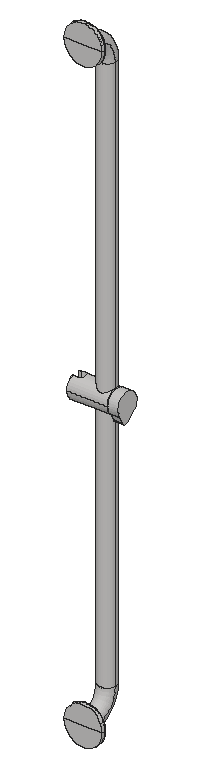
Revit family
Parameters (values of type "Type 1")
  WarrantyDurationUnit = "10 years"
  WarrantyDescription = "Any manufacturing defect"
  Version = "v1"
  URL = "http://www.delabie.com"
  Type Comments = "Straight grab bar with sliding shower head holder"
  SerialNumber = "3456330036269"
  ProductInformation = "http://www.delabie.com/products/5460p2"
  NominalWidth = 40 mm
  NominalHeight = 1150 mm
  Name = "Straight bar with sliding shower head holder"
  ModelNumber = "5460P2"
  Model = "Straight bar with sliding shower head holder"
  Material = 304 stainless steel
  ManufacturerURL = "http://www.delabie.com"
  ManufacturerName = "Straight bar with sliding shower head holder"
  Manufacturer = "DELABIE"
  IntegralAccessoryOptions = "Shower seat"
  Grade = "CE"
  Finish = Bright polished
  Features  = "Straight bar Ø 32mm with sliding shower head holder.\r\nCan be used as a vertical grab bar and a shower head rail for showers or baths.\r\nChrome-plated sliding shower head holder with ergonomic locking ring.\r\nPossible to add a sliding soap dish.\r\nHeight: 1,150mm Tube thickness: 1.5mm.\r\nBacteriostatic 304 stainless steel tube.\r\nStainless steel with UltraPolish bright polished finish.\r\nUniform non-porous surface for easy maintenance and hygiene.\r\nPlate welded to the tube by invisible safety bead weld (process exclusive to \"ArN-Securit\").\r\n40mm gap between the bar and the wall: minimal space prevents the forearm passing between the bar and the wall, reducing the risk of fracture in case of loss of balance.\r\nConcealed fixings, secured to wall on a 3-hole, 304 stainless steel plate, Ø 72mm.\r\nSupplied with stainless steel screws for concrete walls.\r\nTested to over 200kg. Maximum recommended user weight 135kg.\r\n10 year warranty. CE marked."
  Description = "French manufacturer Delabie is a leader in the European sanitary ware market for non-domestic places. Water controls, solutions for disabled people, sanitary ware, for schools, leisure centres, offices, hospitals, airports…"
  Category = "Grab bar"
  Assembly Code = ""
Reference planes
  plane 1: y = 0
  plane 2 "Center (Left/Right)": x = 125
  plane 3 "Back": y = 75
  plane 4: y = 75
Text (mm)
  text "Placement side" at (-1787.139, 592.35, 0), in view "Ref. Level"
  text "Placement side" at (0, 1827.695, 2917.686), in view "Left"
  text "Placement side" at (0, 562.268, 3853.606), in view "Right"
Dimensions and locks
  locked: plane 3 "Back" to host wall at 0
  locked: plane 3 "Back" to plane 4 at 0
  aligned and locked: host wall to plane 1
  aligned and locked: plane 4 to nested 1
Nested families
  nested 1: "5460P2b" at (125, 75, 499.234), type "5460P2"
Definition of nested family "5460P2b"
  Parameters (values of type "5460P2")
    URL = ""
    Type Comments = ""
    Technologie = ""
    Model = ""
    Manufacturer = ""
    Finition = Inox 304 poli brillant UltraPolish
    Famille de produits = ""
    Assembly Code = ""
  Reference planes
    plane 1 "Center (Front/Back)": y = 0
    plane 2: z = 0
    plane 3 "Center (Left/Right)": x = 0
  Forms (mm)
    Revolve 1, solid, material "Inox 304 poli brillant UltraPolish" <- "Finition"
      sketch origin (-4.555, -56.5, 657.473) x (1, 0, 0) y (0, 1, 0)
        loop
          line (-54.423, 0) -> (24.055, 0) -> (24.055, 19.9) -> (22.755, 19.9) -> (22.755, 22) -> (-53.43, 22)
          arc (-53.43, 22) -> (-54.132, 21.709) -> (-54.423, 21.007) r 0.993
          line (-54.423, 21.007) -> (-54.423, 0)
        axis (-54.423, 0) -> (24.055, 0)
      angle from 0 to 360
    Extrusion 2, void
      sketch origin (-4.555, -56.5, 657.473) x (1, 0, 0) y (0, 1, 0)
        loop
          arc (-50.011, -7.75) -> (-34.762, -0.072) -> (-49.937, 7.75) r 9.58
          line (-49.937, 7.75) -> (-54.728, 7.75) -> (-54.728, -7.75) -> (-50.011, -7.75)
      from -41.175 to 54.23
    Extrusion 3, solid, material "Inox 304 poli brillant UltraPolish" <- "Finition"
      sketch origin (-4.555, -56.5, 1135.193) x (0, 1, 0) y (0, 0, 1)
        loop
          line (9.538, -505.54) -> (16.58, -492.296)
          arc (16.58, -492.296) -> (-3.895, -456.131) -> (-10.275, -497.197) r 22
          line (-10.275, -497.197) -> (1.005, -507.354)
          arc (1.005, -507.354) -> (5.694, -508.437) -> (9.538, -505.54) r 5.694
      from 24.055 to 42.662
    Sweep 4, solid, material "Inox 304 poli brillant UltraPolish" <- "Finition"
      path origin (-4.555, -56.5, 657.473) x (0, 1, 0) y (0, 0, 1)
        loop
          arc (48, 619.611) -> (14.059, 605.552) -> (0, 571.611) r 48
          line (0, 571.611) -> (0, -482.389)
          arc (0, -482.389) -> (14.059, -516.33) -> (48, -530.389) r 48
      profile origin (-4.555, -56.5, 702.084) x (1, 0, 0) y (0, 1, 0)
        loop
          circle (4.555, 0) r 16
    Revolve 5, solid, material "Inox 304 poli brillant UltraPolish" <- "Finition"
      sketch origin (-4.555, -56.5, 1277.054) x (1, 0, 0) y (0, 1, 0)
        loop
          arc (-31.395, 49.997) -> (-30.81, 48.585) -> (-29.399, 48) r 1.997
          line (-29.399, 48) -> (4.555, 48) -> (4.555, 56.5) -> (-31.395, 56.5) -> (-31.395, 49.997)
        axis (4.555, 56.5) -> (4.555, 48)
      angle from 0 to 360
    Revolve 6, solid, material "Inox 304 poli brillant UltraPolish" <- "Finition"
      sketch origin (-4.555, -56.5, 127.054) x (1, 0, 0) y (0, 1, 0)
        loop
          arc (-31.395, 49.997) -> (-30.81, 48.585) -> (-29.399, 48) r 1.997
          line (-29.399, 48) -> (4.555, 48) -> (4.555, 56.5) -> (-31.395, 56.5) -> (-31.395, 49.997)
        axis (4.555, 56.5) -> (4.555, 48)
      angle from 0 to 360
  Cuts and joins
    Extrusion 2 cuts Revolve 1
